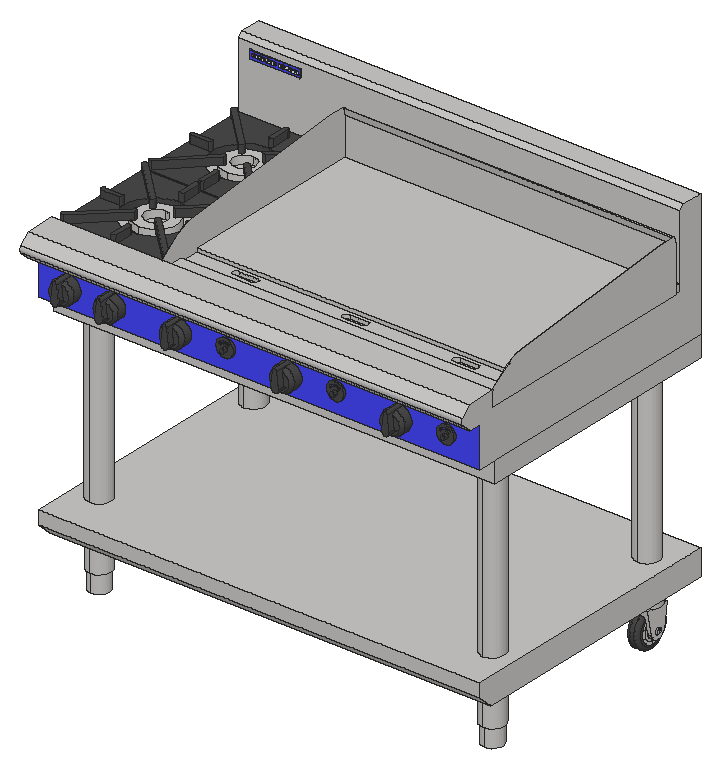
Revit family "QF_MOFFAT_BLUESEAL_CE_G518A-LS", category Specialty Equipment, Revit 2012 (continued)
Definition of nested family "GAS BURNER 300 & GRIDDLE 900"
  Definition of nested family "GAS BURNER 300 & GRIDDLE 600"
    Forms (mm)
      Extrusion 2, solid, material "QF_Finishes_Black"
        sketch origin (0, 0, 19.5) x (0, -1, 0) y (1, 0, 0)
          loop
            spline (609.602, 143.6) -> (610.896, 143.818) -> (612.102, 144.457) -> (613.138, 145.475) -> (613.932, 146.8) -> (614.432, 148.344) -> (614.602, 150) -> (614.432, 151.656) -> (613.932, 153.2) -> (613.138, 154.525) -> (612.102, 155.543) -> (610.896, 156.182) -> (609.602, 156.4)
            line (609.602, 156.4) -> (561.898, 156.4)
            spline (561.898, 156.4) -> (560.604, 156.182) -> (559.398, 155.543) -> (558.362, 154.525) -> (557.568, 153.2) -> (557.068, 151.656) -> (556.898, 150) -> (557.068, 148.344) -> (557.568, 146.8) -> (558.362, 145.475) -> (559.398, 144.457) -> (560.604, 143.818) -> (561.898, 143.6)
            line (561.898, 143.6) -> (609.602, 143.6)
          loop
            line (612.398, 15.153) -> (505.975, 123.076)
            spline (505.975, 123.076) -> (504.905, 123.837) -> (503.601, 124.238) -> (502.149, 124.251) -> (500.65, 123.875) -> (499.205, 123.137) -> (497.914, 122.086) -> (496.863, 120.795) -> (496.125, 119.35) -> (495.749, 117.851) -> (495.762, 116.399) -> (496.163, 115.095) -> (496.924, 114.025)
            line (496.924, 114.025) -> (603.347, 6.102)
            spline (603.347, 6.102) -> (604.416, 5.341) -> (605.721, 4.941) -> (607.172, 4.928) -> (608.671, 5.303) -> (610.116, 6.041) -> (611.408, 7.092) -> (612.459, 8.384) -> (613.197, 9.829) -> (613.572, 11.328) -> (613.559, 12.779) -> (613.159, 14.084) -> (612.398, 15.153)
          loop
            line (476.4, 8.898) -> (476.4, 58.102)
            spline (476.4, 58.102) -> (476.182, 59.396) -> (475.543, 60.602) -> (474.525, 61.638) -> (473.2, 62.432) -> (471.656, 62.932) -> (470, 63.102) -> (468.344, 62.932) -> (466.8, 62.432) -> (465.475, 61.638) -> (464.457, 60.602) -> (463.818, 59.396) -> (463.6, 58.102)
            line (463.6, 58.102) -> (463.6, 8.898)
            spline (463.6, 8.898) -> (463.818, 7.604) -> (464.457, 6.398) -> (465.475, 5.362) -> (466.8, 4.568) -> (468.344, 4.068) -> (470, 3.898) -> (471.656, 4.068) -> (473.2, 4.568) -> (474.525, 5.362) -> (475.543, 6.398) -> (476.182, 7.604) -> (476.4, 8.898)
          loop
            spline (22.602, 15.153) -> (21.681, 13.924) -> (21.131, 12.47) -> (20.99, 10.89) -> (21.267, 9.292) -> (21.943, 7.786) -> (22.973, 6.473) -> (24.286, 5.443) -> (25.792, 4.767) -> (27.39, 4.49) -> (28.97, 4.631) -> (30.424, 5.181) -> (31.653, 6.102)
            line (31.653, 6.102) -> (139.576, 114.025)
            spline (139.576, 114.025) -> (140.337, 115.095) -> (140.738, 116.399) -> (140.751, 117.851) -> (140.375, 119.35) -> (139.637, 120.795) -> (138.586, 122.086) -> (137.295, 123.137) -> (135.85, 123.875) -> (134.351, 124.251) -> (132.899, 124.238) -> (131.595, 123.837) -> (130.525, 123.076)
            line (130.525, 123.076) -> (22.602, 15.153)
          loop
            spline (25.398, 156.4) -> (24.104, 156.182) -> (22.898, 155.543) -> (21.862, 154.525) -> (21.068, 153.2) -> (20.568, 151.656) -> (20.398, 150) -> (20.568, 148.344) -> (21.068, 146.8) -> (21.862, 145.475) -> (22.898, 144.457) -> (24.104, 143.818) -> (25.398, 143.6)
            line (25.398, 143.6) -> (74.602, 143.6)
            spline (74.602, 143.6) -> (75.896, 143.818) -> (77.102, 144.457) -> (78.138, 145.475) -> (78.932, 146.8) -> (79.432, 148.344) -> (79.602, 150) -> (79.432, 151.656) -> (78.932, 153.2) -> (78.138, 154.525) -> (77.102, 155.543) -> (75.896, 156.182) -> (74.602, 156.4)
            line (74.602, 156.4) -> (25.398, 156.4)
          loop
            spline (31.653, 293.898) -> (30.584, 294.659) -> (29.279, 295.059) -> (27.828, 295.072) -> (26.329, 294.697) -> (24.884, 293.959) -> (23.592, 292.908) -> (22.541, 291.616) -> (21.803, 290.171) -> (21.428, 288.672) -> (21.441, 287.221) -> (21.841, 285.916) -> (22.602, 284.847)
            line (22.602, 284.847) -> (130.525, 176.924)
            spline (130.525, 176.924) -> (131.595, 176.163) -> (132.899, 175.762) -> (134.351, 175.749) -> (135.85, 176.125) -> (137.295, 176.863) -> (138.586, 177.914) -> (139.637, 179.205) -> (140.375, 180.65) -> (140.751, 182.149) -> (140.738, 183.601) -> (140.337, 184.905) -> (139.576, 185.975)
            line (139.576, 185.975) -> (31.653, 293.898)
          loop
            line (160.1, 291.102) -> (160.1, 241.898)
            spline (160.1, 241.898) -> (160.318, 240.604) -> (160.957, 239.398) -> (161.975, 238.362) -> (163.3, 237.568) -> (164.844, 237.068) -> (166.5, 236.898) -> (168.156, 237.068) -> (169.7, 237.568) -> (171.025, 238.362) -> (172.043, 239.398) -> (172.682, 240.604) -> (172.9, 241.898)
            line (172.9, 241.898) -> (172.9, 291.102)
            spline (172.9, 291.102) -> (172.682, 292.396) -> (172.043, 293.602) -> (171.025, 294.638) -> (169.7, 295.432) -> (168.156, 295.932) -> (166.5, 296.102) -> (164.844, 295.932) -> (163.3, 295.432) -> (161.975, 294.638) -> (160.957, 293.602) -> (160.318, 292.396) -> (160.1, 291.102)
          loop
            spline (313.898, 284.847) -> (314.659, 285.916) -> (315.059, 287.221) -> (315.072, 288.672) -> (314.697, 290.171) -> (313.959, 291.616) -> (312.908, 292.908) -> (311.616, 293.959) -> (310.171, 294.697) -> (308.672, 295.072) -> (307.221, 295.059) -> (305.916, 294.659) -> (304.847, 293.898)
            line (304.847, 293.898) -> (193.424, 185.975)
            spline (193.424, 185.975) -> (192.663, 184.905) -> (192.262, 183.601) -> (192.249, 182.149) -> (192.625, 180.65) -> (193.363, 179.205) -> (194.414, 177.914) -> (195.705, 176.863) -> (197.15, 176.125) -> (198.649, 175.749) -> (200.101, 175.762) -> (201.405, 176.163) -> (202.475, 176.924)
            line (202.475, 176.924) -> (313.898, 284.847)
          loop
            spline (311.102, 143.6) -> (312.396, 143.818) -> (313.602, 144.457) -> (314.638, 145.475) -> (315.432, 146.8) -> (315.932, 148.344) -> (316.102, 150) -> (315.932, 151.656) -> (315.432, 153.2) -> (314.638, 154.525) -> (313.602, 155.543) -> (312.396, 156.182) -> (311.102, 156.4)
            line (311.102, 156.4) -> (261.898, 156.4)
            spline (261.898, 156.4) -> (260.604, 156.182) -> (259.398, 155.543) -> (258.362, 154.525) -> (257.568, 153.2) -> (257.068, 151.656) -> (256.898, 150) -> (257.068, 148.344) -> (257.568, 146.8) -> (258.362, 145.475) -> (259.398, 144.457) -> (260.604, 143.818) -> (261.898, 143.6)
            line (261.898, 143.6) -> (311.102, 143.6)
          loop
            line (313.898, 15.153) -> (202.475, 123.076)
            spline (202.475, 123.076) -> (201.405, 123.837) -> (200.101, 124.238) -> (198.649, 124.251) -> (197.15, 123.875) -> (195.705, 123.137) -> (194.414, 122.086) -> (193.363, 120.795) -> (192.625, 119.35) -> (192.249, 117.851) -> (192.262, 116.399) -> (192.663, 115.095) -> (193.424, 114.025)
            line (193.424, 114.025) -> (304.847, 6.102)
            spline (304.847, 6.102) -> (305.916, 5.341) -> (307.221, 4.941) -> (308.672, 4.928) -> (310.171, 5.303) -> (311.616, 6.041) -> (312.908, 7.092) -> (313.959, 8.384) -> (314.697, 9.829) -> (315.072, 11.328) -> (315.059, 12.779) -> (314.659, 14.084) -> (313.898, 15.153)
          loop
            line (172.9, 8.898) -> (172.9, 58.102)
            spline (172.9, 58.102) -> (172.682, 59.396) -> (172.043, 60.602) -> (171.025, 61.638) -> (169.7, 62.432) -> (168.156, 62.932) -> (166.5, 63.102) -> (164.844, 62.932) -> (163.3, 62.432) -> (161.975, 61.638) -> (160.957, 60.602) -> (160.318, 59.396) -> (160.1, 58.102)
            line (160.1, 58.102) -> (160.1, 8.898)
            spline (160.1, 8.898) -> (160.318, 7.604) -> (160.957, 6.398) -> (161.975, 5.362) -> (163.3, 4.568) -> (164.844, 4.068) -> (166.5, 3.898) -> (168.156, 4.068) -> (169.7, 4.568) -> (171.025, 5.362) -> (172.043, 6.398) -> (172.682, 7.604) -> (172.9, 8.898)
        from 0 to 20.5
      Extrusion 3, solid, material "QF_Finishes_Stainless Steel"
        sketch origin (0, -15.098, 0) x (0, -1, 0) y (1, 0, 0)
          loop
            circle (151.402, 150) r 57
          loop
            circle (451.402, 150) r 57
          loop
            circle (151.402, 150) r 30
          loop
            circle (451.402, 150) r 30
        from 0 to 20
    Lines and regions (mm)
      symbolic lines
        curve 1: line (284.847, -22.602, 0) -> (176.924, -130.525, 0)
        curve 2: spline (176.924, -130.525, 0) -> (176.163, -131.595, 0) -> (175.762, -132.899, 0) -> (175.749, -134.351, 0) -> (176.125, -135.85, 0) -> (176.863, -137.295, 0) -> (177.914, -138.586, 0) -> (179.205, -139.637, 0) -> (180.65, -140.375, 0) -> (182.149, -140.751, 0) -> (183.601, -140.738, 0) -> (184.905, -140.337, 0) -> (185.975, -139.576, 0)
        curve 3: line (185.975, -139.576, 0) -> (293.898, -31.653, 0)
        curve 4: spline (293.898, -31.653, 0) -> (294.659, -30.584, 0) -> (295.059, -29.279, 0) -> (295.072, -27.828, 0) -> (294.697, -26.329, 0) -> (293.959, -24.884, 0) -> (292.908, -23.592, 0) -> (291.616, -22.541, 0) -> (290.171, -21.803, 0) -> (288.672, -21.428, 0) -> (287.221, -21.441, 0) -> (285.916, -21.841, 0) -> (284.847, -22.602, 0)
        curve 5: line (291.102, -160.1, 0) -> (241.898, -160.1, 0)
        curve 6: spline (241.898, -160.1, 0) -> (240.604, -160.318, 0) -> (239.398, -160.957, 0) -> (238.362, -161.975, 0) -> (237.568, -163.3, 0) -> (237.068, -164.844, 0) -> (236.898, -166.5, 0) -> (237.068, -168.156, 0) -> (237.568, -169.7, 0) -> (238.362, -171.025, 0) -> (239.398, -172.043, 0) -> (240.604, -172.682, 0) -> (241.898, -172.9, 0)
        curve 7: line (241.898, -172.9, 0) -> (291.102, -172.9, 0)
        curve 8: arc (150, -223.5, 0) -> (168.725, -220.336, 0) -> (185.372, -211.197, 0) r 57
        curve 9: arc (150, -109.5, 0) -> (131.183, -112.696, 0) -> (114.475, -121.924, 0) r 57
        curve 10: arc (149.991, -84.418, 0) -> (178.523, -89.406, 0) -> (203.668, -103.781, 0) r 84.082
        curve 11: arc (149.991, -252.582, 0) -> (120.441, -247.219, 0) -> (94.661, -231.812, 0) r 84.082
        curve 12: line (156.4, -74.602, 0) -> (156.4, -25.398, 0)
        curve 13: spline (156.4, -25.398, 0) -> (156.182, -24.104, 0) -> (155.543, -22.898, 0) -> (154.525, -21.862, 0) -> (153.2, -21.068, 0) -> (151.656, -20.568, 0) -> (150, -20.398, 0) -> (148.344, -20.568, 0) -> (146.8, -21.068, 0) -> (145.475, -21.862, 0) -> (144.457, -22.898, 0) -> (143.818, -24.104, 0) -> (143.6, -25.398, 0)
        curve 14: line (143.6, -25.398, 0) -> (143.6, -74.602, 0)
        curve 15: spline (143.6, -74.602, 0) -> (143.818, -75.896, 0) -> (144.457, -77.102, 0) -> (145.475, -78.138, 0) -> (146.8, -78.932, 0) -> (148.344, -79.432, 0) -> (150, -79.602, 0) -> (151.656, -79.432, 0) -> (153.2, -78.932, 0) -> (154.525, -78.138, 0) -> (155.543, -77.102, 0) -> (156.182, -75.896, 0) -> (156.4, -74.602, 0)
        curve 16: line (296, 0, 0) -> (4, 0, 0)
        curve 17: arc (4, 0, 0) -> (1.879, -0.879, 0) -> (1, -3, 0) r 3
        curve 18: line (1, -3, 0) -> (1, -315.5, 0)
        curve 19: arc (1, -315.5, 0) -> (1.879, -317.621, 0) -> (4, -318.5, 0) r 3
        curve 20: line (4, -318.5, 0) -> (296, -318.5, 0)
        curve 21: line (296, -321.5, 0) -> (4, -321.5, 0)
        curve 22: arc (4, -321.5, 0) -> (1.879, -322.379, 0) -> (1, -324.5, 0) r 3
        curve 23: line (1, -324.5, 0) -> (1, -632, 0)
        curve 24: arc (1, -632, 0) -> (1.879, -634.121, 0) -> (4, -635, 0) r 3
        curve 25: line (4, -635, 0) -> (296, -635, 0)
        curve 26: line (293.898, -304.847, 0) -> (185.975, -193.424, 0)
        curve 27: spline (185.975, -193.424, 0) -> (184.905, -192.663, 0) -> (183.601, -192.262, 0) -> (182.149, -192.249, 0) -> (180.65, -192.625, 0) -> (179.205, -193.363, 0) -> (177.914, -194.414, 0) -> (176.863, -195.705, 0) -> (176.125, -197.15, 0) -> (175.749, -198.649, 0) -> (175.762, -200.101, 0) -> (176.163, -201.405, 0) -> (176.924, -202.475, 0)
        curve 28: line (176.924, -202.475, 0) -> (284.847, -313.898, 0)
        curve 29: spline (284.847, -313.898, 0) -> (285.916, -314.659, 0) -> (287.221, -315.059, 0) -> (288.672, -315.072, 0) -> (290.171, -314.697, 0) -> (291.616, -313.959, 0) -> (292.908, -312.908, 0) -> (293.959, -311.616, 0) -> (294.697, -310.171, 0) -> (295.072, -308.672, 0) -> (295.059, -307.221, 0) -> (294.659, -305.916, 0) -> (293.898, -304.847, 0)
        curve 30: line (15.153, -313.898, 0) -> (123.076, -202.475, 0)
        curve 31: spline (123.076, -202.475, 0) -> (123.837, -201.405, 0) -> (124.238, -200.101, 0) -> (124.251, -198.649, 0) -> (123.875, -197.15, 0) -> (123.137, -195.705, 0) -> (122.086, -194.414, 0) -> (120.795, -193.363, 0) -> (119.35, -192.625, 0) -> (117.851, -192.249, 0) -> (116.399, -192.262, 0) -> (115.095, -192.663, 0) -> (114.025, -193.424, 0)
        curve 32: line (114.025, -193.424, 0) -> (6.102, -304.847, 0)
        curve 33: spline (6.102, -304.847, 0) -> (5.341, -305.916, 0) -> (4.941, -307.221, 0) -> (4.928, -308.672, 0) -> (5.303, -310.171, 0) -> (6.041, -311.616, 0) -> (7.092, -312.908, 0) -> (8.384, -313.959, 0) -> (9.829, -314.697, 0) -> (11.328, -315.072, 0) -> (12.779, -315.059, 0) -> (14.084, -314.659, 0) -> (15.153, -313.898, 0)
        curve 34: line (8.898, -172.9, 0) -> (58.102, -172.9, 0)
        curve 35: spline (58.102, -172.9, 0) -> (59.396, -172.682, 0) -> (60.602, -172.043, 0) -> (61.638, -171.025, 0) -> (62.432, -169.7, 0) -> (62.932, -168.156, 0) -> (63.102, -166.5, 0) -> (62.932, -164.844, 0) -> (62.432, -163.3, 0) -> (61.638, -161.975, 0) -> (60.602, -160.957, 0) -> (59.396, -160.318, 0) -> (58.102, -160.1, 0)
        curve 36: line (58.102, -160.1, 0) -> (8.898, -160.1, 0)
        curve 37: spline (8.898, -160.1, 0) -> (7.604, -160.318, 0) -> (6.398, -160.957, 0) -> (5.362, -161.975, 0) -> (4.568, -163.3, 0) -> (4.068, -164.844, 0) -> (3.898, -166.5, 0) -> (4.068, -168.156, 0) -> (4.568, -169.7, 0) -> (5.362, -171.025, 0) -> (6.398, -172.043, 0) -> (7.604, -172.682, 0) -> (8.898, -172.9, 0)
        curve 38: line (6.102, -31.653, 0) -> (114.025, -139.576, 0)
        curve 39: spline (114.025, -139.576, 0) -> (115.095, -140.337, 0) -> (116.399, -140.738, 0) -> (117.851, -140.751, 0) -> (119.35, -140.375, 0) -> (120.795, -139.637, 0) -> (122.086, -138.586, 0) -> (123.137, -137.295, 0) -> (123.875, -135.85, 0) -> (124.251, -134.351, 0) -> (124.238, -132.899, 0) -> (123.837, -131.595, 0) -> (123.076, -130.525, 0)
        curve 40: line (123.076, -130.525, 0) -> (15.153, -22.602, 0)
        curve 41: spline (15.153, -22.602, 0) -> (13.924, -21.681, 0) -> (12.47, -21.131, 0) -> (10.89, -20.99, 0) -> (9.292, -21.267, 0) -> (7.786, -21.943, 0) -> (6.473, -22.973, 0) -> (5.443, -24.286, 0) -> (4.767, -25.792, 0) -> (4.49, -27.39, 0) -> (4.631, -28.97, 0) -> (5.181, -30.424, 0) -> (6.102, -31.653, 0)
        curve 42: arc (150, -136.5, 0) -> (180, -166.5, 0) -> (150, -196.5, 0) r 30
        curve 43: arc (150, -196.5, 0) -> (120, -166.5, 0) -> (150, -136.5, 0) r 30
        curve 44: line (156.4, -311.102, 0) -> (156.4, -261.898, 0)
        curve 45: spline (156.4, -261.898, 0) -> (156.182, -260.604, 0) -> (155.543, -259.398, 0) -> (154.525, -258.362, 0) -> (153.2, -257.568, 0) -> (151.656, -257.068, 0) -> (150, -256.898, 0) -> (148.344, -257.068, 0) -> (146.8, -257.568, 0) -> (145.475, -258.362, 0) -> (144.457, -259.398, 0) -> (143.818, -260.604, 0) -> (143.6, -261.898, 0)
        curve 46: line (143.6, -261.898, 0) -> (143.6, -311.102, 0)
        curve 47: spline (143.6, -311.102, 0) -> (143.818, -312.396, 0) -> (144.457, -313.602, 0) -> (145.475, -314.638, 0) -> (146.8, -315.432, 0) -> (148.344, -315.932, 0) -> (150, -316.102, 0) -> (151.656, -315.932, 0) -> (153.2, -315.432, 0) -> (154.525, -314.638, 0) -> (155.543, -313.602, 0) -> (156.182, -312.396, 0) -> (156.4, -311.102, 0)
        curve 48: line (156.4, -378.102, 0) -> (156.4, -328.898, 0)
        curve 49: spline (156.4, -328.898, 0) -> (156.182, -327.604, 0) -> (155.543, -326.398, 0) -> (154.525, -325.362, 0) -> (153.2, -324.568, 0) -> (151.656, -324.068, 0) -> (150, -323.898, 0) -> (148.344, -324.068, 0) -> (146.8, -324.568, 0) -> (145.475, -325.362, 0) -> (144.457, -326.398, 0) -> (143.818, -327.604, 0) -> (143.6, -328.898, 0)
        curve 50: line (143.6, -328.898, 0) -> (143.6, -378.102, 0)
        curve 51: spline (143.6, -378.102, 0) -> (143.818, -379.396, 0) -> (144.457, -380.602, 0) -> (145.475, -381.638, 0) -> (146.8, -382.432, 0) -> (148.344, -382.932, 0) -> (150, -383.102, 0) -> (151.656, -382.932, 0) -> (153.2, -382.432, 0) -> (154.525, -381.638, 0) -> (155.543, -380.602, 0) -> (156.182, -379.396, 0) -> (156.4, -378.102, 0)
        curve 52: line (284.847, -326.102, 0) -> (176.924, -434.025, 0)
        curve 53: spline (176.924, -434.025, 0) -> (176.163, -435.095, 0) -> (175.762, -436.399, 0) -> (175.749, -437.851, 0) -> (176.125, -439.35, 0) -> (176.863, -440.795, 0) -> (177.914, -442.086, 0) -> (179.205, -443.137, 0) -> (180.65, -443.875, 0) -> (182.149, -444.251, 0) -> (183.601, -444.238, 0) -> (184.905, -443.837, 0) -> (185.975, -443.076, 0)
        curve 54: line (185.975, -443.076, 0) -> (293.898, -335.153, 0)
        curve 55: spline (293.898, -335.153, 0) -> (294.659, -334.084, 0) -> (295.059, -332.779, 0) -> (295.072, -331.328, 0) -> (294.697, -329.829, 0) -> (293.959, -328.384, 0) -> (292.908, -327.092, 0) -> (291.616, -326.041, 0) -> (290.171, -325.303, 0) -> (288.672, -324.928, 0) -> (287.221, -324.941, 0) -> (285.916, -325.341, 0) -> (284.847, -326.102, 0)
        curve 56: line (123.076, -434.025, 0) -> (15.153, -326.102, 0)
        curve 57: spline (15.153, -326.102, 0) -> (13.924, -325.181, 0) -> (12.47, -324.631, 0) -> (10.89, -324.49, 0) -> (9.292, -324.767, 0) -> (7.786, -325.443, 0) -> (6.473, -326.473, 0) -> (5.443, -327.786, 0) -> (4.767, -329.292, 0) -> (4.49, -330.89, 0) -> (4.631, -332.47, 0) -> (5.181, -333.924, 0) -> (6.102, -335.153, 0)
        curve 58: line (6.102, -335.153, 0) -> (114.025, -443.076, 0)
        curve 59: spline (114.025, -443.076, 0) -> (115.095, -443.837, 0) -> (116.399, -444.238, 0) -> (117.851, -444.251, 0) -> (119.35, -443.875, 0) -> (120.795, -443.137, 0) -> (122.086, -442.086, 0) -> (123.137, -440.795, 0) -> (123.875, -439.35, 0) -> (124.251, -437.851, 0) -> (124.238, -436.399, 0) -> (123.837, -435.095, 0) -> (123.076, -434.025, 0)
        curve 60: line (58.102, -463.6, 0) -> (8.898, -463.6, 0)
        curve 61: spline (8.898, -463.6, 0) -> (7.604, -463.818, 0) -> (6.398, -464.457, 0) -> (5.362, -465.475, 0) -> (4.568, -466.8, 0) -> (4.068, -468.344, 0) -> (3.898, -470, 0) -> (4.068, -471.656, 0) -> (4.568, -473.2, 0) -> (5.362, -474.525, 0) -> (6.398, -475.543, 0) -> (7.604, -476.182, 0) -> (8.898, -476.4, 0)
        curve 62: line (8.898, -476.4, 0) -> (58.102, -476.4, 0)
        curve 63: spline (58.102, -476.4, 0) -> (59.396, -476.182, 0) -> (60.602, -475.543, 0) -> (61.638, -474.525, 0) -> (62.432, -473.2, 0) -> (62.932, -471.656, 0) -> (63.102, -470, 0) -> (62.932, -468.344, 0) -> (62.432, -466.8, 0) -> (61.638, -465.475, 0) -> (60.602, -464.457, 0) -> (59.396, -463.818, 0) -> (58.102, -463.6, 0)
        curve 64: line (114.025, -496.924, 0) -> (6.102, -603.347, 0)
        curve 65: spline (6.102, -603.347, 0) -> (5.341, -604.416, 0) -> (4.941, -605.721, 0) -> (4.928, -607.172, 0) -> (5.303, -608.671, 0) -> (6.041, -610.116, 0) -> (7.092, -611.408, 0) -> (8.384, -612.459, 0) -> (9.829, -613.197, 0) -> (11.328, -613.572, 0) -> (12.779, -613.559, 0) -> (14.084, -613.159, 0) -> (15.153, -612.398, 0)
        curve 66: line (15.153, -612.398, 0) -> (123.076, -505.975, 0)
        curve 67: spline (123.076, -505.975, 0) -> (123.837, -504.905, 0) -> (124.238, -503.601, 0) -> (124.251, -502.149, 0) -> (123.875, -500.65, 0) -> (123.137, -499.205, 0) -> (122.086, -497.914, 0) -> (120.795, -496.863, 0) -> (119.35, -496.125, 0) -> (117.851, -495.749, 0) -> (116.399, -495.762, 0) -> (115.095, -496.163, 0) -> (114.025, -496.924, 0)
        curve 68: line (156.4, -609.602, 0) -> (156.4, -561.898, 0)
        curve 69: spline (156.4, -561.898, 0) -> (156.182, -560.604, 0) -> (155.543, -559.398, 0) -> (154.525, -558.362, 0) -> (153.2, -557.568, 0) -> (151.656, -557.068, 0) -> (150, -556.898, 0) -> (148.344, -557.068, 0) -> (146.8, -557.568, 0) -> (145.475, -558.362, 0) -> (144.457, -559.398, 0) -> (143.818, -560.604, 0) -> (143.6, -561.898, 0)
        curve 70: line (143.6, -561.898, 0) -> (143.6, -609.602, 0)
        curve 71: spline (143.6, -609.602, 0) -> (143.818, -610.896, 0) -> (144.457, -612.102, 0) -> (145.475, -613.138, 0) -> (146.8, -613.932, 0) -> (148.344, -614.432, 0) -> (150, -614.602, 0) -> (151.656, -614.432, 0) -> (153.2, -613.932, 0) -> (154.525, -613.138, 0) -> (155.543, -612.102, 0) -> (156.182, -610.896, 0) -> (156.4, -609.602, 0)
        curve 72: line (176.924, -505.975, 0) -> (284.847, -612.398, 0)
        curve 73: spline (284.847, -612.398, 0) -> (285.916, -613.159, 0) -> (287.221, -613.559, 0) -> (288.672, -613.572, 0) -> (290.171, -613.197, 0) -> (291.616, -612.459, 0) -> (292.908, -611.408, 0) -> (293.959, -610.116, 0) -> (294.697, -608.671, 0) -> (295.072, -607.172, 0) -> (295.059, -605.721, 0) -> (294.659, -604.416, 0) -> (293.898, -603.347, 0)
        curve 74: line (293.898, -603.347, 0) -> (185.975, -496.924, 0)
        curve 75: spline (185.975, -496.924, 0) -> (184.905, -496.163, 0) -> (183.601, -495.762, 0) -> (182.149, -495.749, 0) -> (180.65, -496.125, 0) -> (179.205, -496.863, 0) -> (177.914, -497.914, 0) -> (176.863, -499.205, 0) -> (176.125, -500.65, 0) -> (175.749, -502.149, 0) -> (175.762, -503.601, 0) -> (176.163, -504.905, 0) -> (176.924, -505.975, 0)
        curve 76: arc (149.991, -384.418, 0) -> (179.687, -389.836, 0) -> (205.556, -405.393, 0) r 84.082
        curve 77: arc (149.991, -552.582, 0) -> (121.173, -547.489, 0) -> (95.845, -532.827, 0) r 84.082
        curve 78: arc (150, -523.5, 0) -> (167.666, -520.693, 0) -> (183.592, -512.55, 0) r 57
        curve 79: arc (150, -409.5, 0) -> (130.014, -413.119, 0) -> (112.566, -423.515, 0) r 57
        curve 80: arc (150, -436.5, 0) -> (180, -466.5, 0) -> (150, -496.5, 0) r 30
        curve 81: arc (150, -496.5, 0) -> (120, -466.5, 0) -> (150, -436.5, 0) r 30
        curve 82: line (291.102, -463.6, 0) -> (241.898, -463.6, 0)
        curve 83: spline (241.898, -463.6, 0) -> (240.604, -463.818, 0) -> (239.398, -464.457, 0) -> (238.362, -465.475, 0) -> (237.568, -466.8, 0) -> (237.068, -468.344, 0) -> (236.898, -470, 0) -> (237.068, -471.656, 0) -> (237.568, -473.2, 0) -> (238.362, -474.525, 0) -> (239.398, -475.543, 0) -> (240.604, -476.182, 0) -> (241.898, -476.4, 0)
        curve 84: line (241.898, -476.4, 0) -> (291.102, -476.4, 0)
        curve 85: arc (96.324, -103.773, 0) -> (121.466, -89.404, 0) -> (149.991, -84.418, 0) r 84.082
        curve 86: arc (212.871, -112.68, 0) -> (234.066, -167.408, 0) -> (214.3, -222.668, 0) r 84.082
        curve 87: arc (194.454, -202.178, 0) -> (207, -166.598, 0) -> (194.576, -130.975, 0) r 57
        curve 88: arc (114.628, -211.197, 0) -> (131.275, -220.336, 0) -> (150, -223.5, 0) r 57
        curve 89: arc (105.424, -130.975, 0) -> (93, -166.598, 0) -> (105.546, -202.178, 0) r 57
        curve 90: arc (187.434, -423.515, 0) -> (169.986, -413.119, 0) -> (150, -409.5, 0) r 57
        curve 91: arc (103.911, -432.962, 0) -> (93.053, -468.956, 0) -> (106.969, -503.881, 0) r 57
        curve 92: arc (109.732, -506.842, 0) -> (110.614, -507.704, 0) -> (111.516, -508.547, 0) r 57
        curve 93: arc (193.031, -503.881, 0) -> (206.947, -468.956, 0) -> (196.089, -432.962, 0) r 57
        curve 94: arc (214.491, -414.56, 0) -> (234.068, -469.429, 0) -> (213.283, -523.853, 0) r 84.082
        curve 95: arc (94.436, -405.385, 0) -> (120.301, -389.834, 0) -> (149.991, -384.418, 0) r 84.082
        curve 96: arc (86.707, -523.862, 0) -> (65.914, -469.429, 0) -> (85.499, -414.55, 0) r 84.082
        curve 97: arc (116.408, -512.55, 0) -> (132.334, -520.693, 0) -> (150, -523.5, 0) r 57
        curve 98: arc (204.147, -532.819, 0) -> (178.816, -547.487, 0) -> (149.991, -552.582, 0) r 84.082
        curve 99: arc (185.525, -121.924, 0) -> (168.817, -112.696, 0) -> (150, -109.5, 0) r 57
        curve 100: arc (205.331, -231.803, 0) -> (179.547, -247.216, 0) -> (149.991, -252.582, 0) r 84.082
        curve 101: arc (85.69, -222.678, 0) -> (65.916, -167.408, 0) -> (87.119, -112.67, 0) r 84.082
        curve 102: line (299, -315.5, 0) -> (299, -3, 0)
        curve 103: arc (299, -3, 0) -> (298.121, -0.879, 0) -> (296, 0, 0) r 3
        curve 104: spline (291.102, -172.9, 0) -> (292.396, -172.682, 0) -> (293.602, -172.043, 0) -> (294.638, -171.025, 0) -> (295.432, -169.7, 0) -> (295.932, -168.156, 0) -> (296.102, -166.5, 0) -> (295.932, -164.844, 0) -> (295.432, -163.3, 0) -> (294.638, -161.975, 0) -> (293.602, -160.957, 0) -> (292.396, -160.318, 0) -> (291.102, -160.1, 0)
        curve 105: spline (291.102, -476.4, 0) -> (292.396, -476.182, 0) -> (293.602, -475.543, 0) -> (294.638, -474.525, 0) -> (295.432, -473.2, 0) -> (295.932, -471.656, 0) -> (296.102, -470, 0) -> (295.932, -468.344, 0) -> (295.432, -466.8, 0) -> (294.638, -465.475, 0) -> (293.602, -464.457, 0) -> (292.396, -463.818, 0) -> (291.102, -463.6, 0)
        curve 106: arc (296, -635, 0) -> (298.121, -634.121, 0) -> (299, -632, 0) r 3
        curve 107: line (299, -632, 0) -> (299, -324.5, 0)
        curve 108: arc (299, -324.5, 0) -> (298.121, -322.379, 0) -> (296, -321.5, 0) r 3
        curve 109: arc (296, -318.5, 0) -> (298.121, -317.621, 0) -> (299, -315.5, 0) r 3
    Dimensions and locks
      equal spacing: plane 3 "LEFT", plane 7 "Center Y", plane 4 "RIGHT"
      "Width": plane 3 "LEFT" to plane 4 "RIGHT"
      equal spacing: plane 5 "FRONT", plane 8 "Center X", plane 1 "BACK"
      "Depth": plane 5 "FRONT" to plane 1 "BACK"
      aligned and locked: level to plane 2
    Automatic sketch dimensions
      curve 8 to curve 9 = 0 mm
      curve 8 to curve 42 = 0 mm  (x2)
      curve 8 to curve 87 = 0 mm  (x2)
      curve 8 to curve 88 = 0 mm
      curve 8 to curve 89 = 0 mm
      curve 8 to curve 99 = 0 mm  (x2)
      curve 9 to curve 89 = 0 mm
      curve 10 to curve 11 = 0 mm  (x2)
      curve 10 to curve 85 = 0 mm
      curve 10 to curve 86 = 0 mm  (x2)
      curve 10 to curve 100 = 0 mm
      curve 10 to curve 101 = 0 mm  (x2)
      curve 76 to curve 77 = 0 mm  (x2)
      curve 76 to curve 94 = 0 mm  (x2)
      curve 76 to curve 95 = 0 mm
      curve 76 to curve 96 = 0 mm  (x2)
      curve 76 to curve 98 = 0 mm
      curve 78 to curve 79 = 0 mm
      curve 78 to curve 80 = 0 mm  (x2)
      curve 78 to curve 90 = 0 mm  (x2)
      curve 78 to curve 91 = 0 mm
      curve 78 to curve 92 = 0 mm
      curve 78 to curve 93 = 0 mm  (x2)
      curve 78 to curve 97 = 0 mm
      curve 79 to curve 91 = 0 mm
      curve 79 to curve 92 = 0 mm
      plane 5 "FRONT" to curve 25 = 0 mm
      plane 1 "BACK" to curve 16 = 0 mm
      curve 97 to plane 7 "Center Y" = 0 mm
      curve 42 to plane 7 "Center Y" = 0 mm
      curve 13 to plane 7 "Center Y" = 0 mm
      curve 45 to plane 7 "Center Y" = 0 mm
      curve 49 to plane 7 "Center Y" = 0 mm
      curve 69 to plane 7 "Center Y" = 0 mm
      curve 98 to plane 7 "Center Y" = 0.009 mm
      curve 10 to plane 7 "Center Y" = 0.009 mm
      curve 49 to plane 7 "Center Y" = 6.4 mm
      curve 47 to plane 7 "Center Y" = 6.4 mm
      curve 14 to plane 7 "Center Y" = 6.4 mm
      curve 71 to plane 7 "Center Y" = 6.4 mm
      curve 39 to curve 39 = 4.525 mm
      curve 31 to curve 31 = 4.525 mm
      curve 59 to curve 59 = 4.525 mm
      curve 67 to curve 67 = 4.525 mm
      curve 97 to curve 66 = 6.668 mm
      curve 88 to curve 30 = 8.448 mm
      curve 9 to curve 40 = 8.601 mm
      curve 92 to curve 97 = 4.893 mm
      curve 92 to curve 92 = 1.784 mm
      curve 91 to curve 92 = 2.762 mm
      curve 89 to curve 32 = 8.479 mm
      curve 91 to curve 79 = 8.655 mm
      curve 85 to curve 9 = 18.152 mm
      curve 11 to curve 88 = 19.967 mm
      curve 95 to curve 79 = 18.13 mm
      curve 101 to curve 11 = 8.97 mm
      curve 96 to curve 95 = 8.937 mm
      curve 34 to curve 89 = 47.444 mm
      curve 63 to curve 91 = 45.809 mm
      plane 8 "Center X" to curve 30 = 3.602 mm
      plane 3 "LEFT" to curve 30 = 15.153 mm
      plane 3 "LEFT" to curve 41 = 15.153 mm
      plane 3 "LEFT" to curve 66 = 15.153 mm
      curve 56 to curve 30 = 0 mm
      curve 41 to curve 41 = 4.525 mm
      curve 65 to curve 65 = 4.525 mm
      curve 33 to curve 30 = 4.525 mm
      curve 57 to curve 56 = 4.525 mm
      plane 3 "LEFT" to curve 37 = 8.898 mm
      plane 3 "LEFT" to curve 62 = 8.898 mm
      plane 3 "LEFT" to curve 17 = 4 mm
      curve 20 to plane 8 "Center X" = 1 mm
      plane 3 "LEFT" to curve 20 = 4 mm
      curve 22 to curve 20 = 0 mm
      plane 3 "LEFT" to curve 24 = 4 mm
      plane 3 "LEFT" to curve 23 = 1 mm
      plane 3 "LEFT" to curve 17 = 1 mm
      curve 1 to curve 2 = 4.525 mm
      curve 53 to curve 53 = 4.525 mm
      curve 27 to curve 27 = 4.525 mm
      curve 72 to curve 75 = 4.525 mm
      curve 75 to curve 78 = 6.668 mm
      curve 28 to curve 8 = 8.448 mm
      curve 2 to curve 99 = 8.601 mm  (x2)
      curve 52 to curve 90 = 10.51 mm
      curve 27 to curve 87 = 8.479 mm
      curve 2 to curve 87 = 8.601 mm
      curve 90 to curve 93 = 8.655 mm
      curve 99 to curve 10 = 18.144 mm
      curve 8 to curve 100 = 19.959 mm
      curve 90 to curve 76 = 18.122 mm
      curve 100 to curve 86 = 8.969 mm
      curve 76 to curve 94 = 8.936 mm
      curve 93 to curve 82 = 45.809 mm
      curve 87 to curve 7 = 47.444 mm
      plane 4 "RIGHT" to curve 4 = 15.153 mm
      plane 4 "RIGHT" to curve 52 = 15.153 mm
      plane 4 "RIGHT" to curve 73 = 15.153 mm
      plane 8 "Center X" to curve 28 = 3.602 mm
      curve 28 to curve 52 = 0 mm
      curve 1 to curve 4 = 4.525 mm
      curve 55 to curve 55 = 4.525 mm
      curve 28 to curve 29 = 4.525 mm
      curve 72 to curve 73 = 4.525 mm
      plane 4 "RIGHT" to curve 105 = 8.898 mm
      plane 4 "RIGHT" to curve 104 = 8.898 mm
      plane 4 "RIGHT" to curve 108 = 4 mm
      plane 4 "RIGHT" to curve 109 = 4 mm
      plane 4 "RIGHT" to curve 25 = 4 mm
      plane 4 "RIGHT" to curve 16 = 4 mm
      plane 4 "RIGHT" to curve 107 = 1 mm
      plane 4 "RIGHT" to curve 103 = 1 mm
      curve 70 to plane 5 "FRONT" = 25.398 mm
      curve 69 to curve 98 = 9.316 mm
      curve 77 to curve 96 = 8.965 mm
      curve 98 to curve 94 = 8.967 mm
      curve 97 to curve 92 = 4.003 mm
      curve 78 to curve 72 = 6.575 mm
      curve 97 to curve 66 = 6.575 mm
      curve 92 to curve 91 = 2.96 mm
      curve 93 to curve 75 = 6.958 mm
      curve 78 to curve 81 = 27 mm
      curve 96 to curve 61 = 47.462 mm
      curve 94 to curve 84 = 47.453 mm
      curve 62 to curve 63 = 6.4 mm
      curve 105 to curve 105 = 6.4 mm
      curve 59 to curve 91 = 10.114 mm
      curve 53 to curve 93 = 10.114 mm
      curve 94 to curve 76 = 9.166 mm
      curve 96 to curve 95 = 9.165 mm
      curve 76 to curve 51 = 6.316 mm
      curve 57 to curve 20 = 16.653 mm
      curve 54 to curve 20 = 16.653 mm
      curve 49 to plane 8 "Center X" = 11.398 mm
      curve 108 to curve 20 = 6 mm
      plane 8 "Center X" to curve 46 = 6.398 mm
      curve 45 to curve 11 = 9.316 mm
      curve 88 to curve 31 = 8.722 mm
      curve 8 to curve 28 = 8.722 mm
      curve 8 to curve 42 = 27 mm
      curve 101 to curve 34 = 49.778 mm
      curve 86 to curve 7 = 49.768 mm
      curve 6 to curve 6 = 6.4 mm
      curve 34 to curve 37 = 6.4 mm
      curve 38 to curve 89 = 8.601 mm
      curve 40 to curve 9 = 8.601 mm
      curve 86 to curve 10 = 8.899 mm
      curve 101 to curve 85 = 8.898 mm
      curve 10 to curve 15 = 9.816 mm
      plane 1 "BACK" to curve 13 = 25.398 mm
      plane 1 "BACK" to Extrusion 1 sketch curve = 0 mm
      plane 5 "FRONT" to Extrusion 1 sketch curve = 0 mm
      plane 3 "LEFT" to Extrusion 1 sketch curve = 1 mm  (x2)
      plane 1 "BACK" to Extrusion 1 sketch curve = 3 mm  (x2)
      Extrusion 1 sketch curve to plane 7 "Center Y" = 0.009 mm  (x2)
      plane 8 "Center X" to Extrusion 1 sketch curve = 149 mm
      plane 4 "RIGHT" to Extrusion 1 sketch curve = 1 mm  (x2)
      plane 8 "Center X" to Extrusion 1 sketch curve = 2 mm  (x2)
      Extrusion 1 sketch curve to plane 8 "Center X" = 1 mm
      Extrusion 1 sketch curve to Extrusion 1 sketch curve = 3 mm  (x3)
      Extrusion 1 sketch curve to plane 8 "Center X" = 151 mm
      Extrusion 1 sketch curve to plane 5 "FRONT" = 3 mm  (x2)
      Extrusion 2 sketch curve to Extrusion 1 = 22.602 mm  (x2)
      Extrusion 2 sketch curve to Extrusion 1 = 25.398 mm  (x2)
      Extrusion 2 sketch curve to Extrusion 2 sketch curve = 4.525 mm  (x16)
      Extrusion 2 sketch curve to Extrusion 2 sketch curve = 49.204 mm  (x5)
      Extrusion 2 sketch curve to Extrusion 2 sketch curve = 55.923 mm  (x5)
      Extrusion 2 sketch curve to Extrusion 2 sketch curve = 0 mm  (x5)
      Extrusion 2 sketch curve to Extrusion 2 sketch curve = 20.524 mm  (x8)
      Extrusion 2 sketch curve to Extrusion 2 sketch curve = 6.4 mm  (x8)
      Extrusion 2 sketch curve to Extrusion 2 sketch curve = 53.847 mm  (x8)
      Extrusion 2 sketch curve to Extrusion 1 = 56.602 mm
      Extrusion 2 sketch curve to Extrusion 1 = 5.102 mm  (x6)
      Extrusion 2 sketch curve to Extrusion 1 = 13.653 mm  (x2)
      Extrusion 2 sketch curve to Extrusion 1 = 7.398 mm  (x2)
      Extrusion 2 sketch curve to Extrusion 1 = 4.602 mm  (x2)
      Extrusion 2 sketch curve to Extrusion 1 = 7.898 mm  (x4)
      Extrusion 2 sketch curve to Extrusion 1 = 31.653 mm  (x2)
      Extrusion 2 sketch curve to Extrusion 1 = 57.102 mm
      Extrusion 2 sketch curve to Extrusion 1 = 14.153 mm
      Extrusion 3 sketch curve to Extrusion 3 sketch curve = 0 mm  (x24)
      Extrusion 3 sketch curve to plane 7 "Center Y" = 0 mm  (x2)
      plane 1 "BACK" to Extrusion 3 sketch curve = 109.5 mm
      Extrusion 3 sketch curve to Extrusion 3 sketch curve = 27 mm  (x2)
      Extrusion 3 sketch curve to Extrusion 3 sketch curve = 30 mm  (x2)
      Extrusion 3 sketch curve to plane 8 "Center X" = 92 mm
      radius of Extrusion 1 sketch curve = 84.082 mm  (x2)
  Definition of nested family "GAS GRIDDLE PLATE 900"
    Parameters (values of type "GAS GRIDDLE PLATE 900")
      Width [instance] = 900 mm
      Weight in Pounds = 0
      URL Cutsheet = ""
      Type Mark [instance] = ""
      Status [instance] = ""
      Specification by User [instance] = ""
      Specification by Manufacturer = ""
      Serial Number = ""
      Seismic Rating = ""
      SMACNA No = ""
      Revision Code [instance] = ""
      Omniclass Number and Title = ""
      NAFEM Spec ID Number = ""
      Masterspec = ""
      Item Number [instance] = ""
      Installed By [instance] = ""
      Identify Quantity as Lot [instance] = yes
      Furnished By [instance] = ""
      Foodservice Equipment Identifier [instance] = yes
      Depth [instance] = 620 mm
      CSI MasterFormat = ""
      CSI Master Format = ""
    Reference planes
      plane 1 "BACK": y = 0
      plane 2: z = 0
      plane 3 "LEFT": x = 0
      plane 4 "RIGHT": x = 900
      plane 5 "FRONT": y = -620
      plane 6 "TOP": z = 142.5
      plane 7 "Center Y": x = 450
      plane 8 "Center X": y = -310
      plane 9: y = -530.997
      plane 10: y = -541.497
      plane 11: y = -503.25
      plane 12: y = -557.737
    Forms (mm)
      Extrusion 1, solid, material "QF_Finishes_Stainless Steel"
        sketch origin (0, 70.003, -874.5) x (0, 1, 0) y (0, 0, 1)
          loop
            line (-70, 875) -> (-70, 997.489) -> (-75.228, 1017) -> (-117.24, 1017) -> (-589.533, 971.523)
            arc (-589.533, 971.523) -> (-614.56, 965.803) -> (-637.306, 953.899) r 100
            line (-637.306, 953.899) -> (-690.003, 917) -> (-690.003, 875) -> (-70, 875)
        from 0 to 1.8
      Extrusion 2, solid, material "QF_Finishes_Stainless Steel"
        sketch origin (600, 70.003, -874.5) x (0, -1, 0) y (0, 0, 1)
          loop
            line (70, 875) -> (690.003, 875) -> (690.003, 917) -> (637.306, 953.899)
            arc (637.306, 953.899) -> (614.56, 965.803) -> (589.533, 971.523) r 100
            line (589.533, 971.523) -> (117.24, 1017) -> (75.228, 1017) -> (70, 997.489) -> (70, 875)
        from -300 to -298.8
      Extrusion 3, solid, material "QF_Finishes_Stainless Steel"
        sketch origin (150, 70.003, -874.5) x (0, 1, 0) y (0, 0, 1)
          loop
            line (-55, 895) -> (-573.253, 895) -> (-573.253, 884.5) -> (-627.74, 884.5) -> (-627.74, 895) -> (-690.003, 895) -> (-690.003, 875) -> (-55, 875) -> (-55, 895)
        from -148.2 to 748.8
      Extrusion 4, void
        sketch origin (0.113, -541.497, 10) x (0, -1, 0) y (1, 0, 0)
          loop
            arc (-7.497, 175) -> (-17.497, 185) -> (-27.497, 175) r 10
            line (-27.497, 175) -> (-27.497, 125)
            arc (-27.497, 125) -> (-17.497, 115) -> (-7.497, 125) r 10
            line (-7.497, 125) -> (-7.497, 175)
          loop
            line (-7.497, 424.887) -> (-7.497, 474.887)
            arc (-7.497, 474.887) -> (-17.497, 484.887) -> (-27.497, 474.887) r 10
            line (-27.497, 474.887) -> (-27.497, 424.887)
            arc (-27.497, 424.887) -> (-17.497, 414.887) -> (-7.497, 424.887) r 10
          loop
            line (-7.497, 724.774) -> (-7.497, 774.774)
            arc (-7.497, 774.774) -> (-17.497, 784.774) -> (-27.497, 774.774) r 10
            line (-27.497, 774.774) -> (-27.497, 724.774)
            arc (-27.497, 724.774) -> (-17.497, 714.774) -> (-7.497, 724.774) r 10
        from -41.4 to 40.142
      Extrusion 5, solid, material "QF_Finishes_Stainless Steel"
        sketch origin (0, 70.003, -874.5) x (0, 1, 0) y (0, 0, 1)
          loop
            line (-70, 875) -> (-70, 997.489) -> (-75.228, 1017) -> (-76.884, 1017) -> (-71.6, 997.278) -> (-71.6, 875) -> (-70, 875)
        from 0 to 898.8
    Cuts and joins
      Extrusion 4 cuts Extrusion 3
      joined: Extrusion 1, Extrusion 2, Extrusion 3, Extrusion 5
    Lines and regions (mm)
      symbolic lines
        curve 1: line (900, -503.25, 0) -> (0, -503.25, 0)
        curve 2: line (0, -557.737, 0) -> (900, -557.737, 0)
        curve 3: line (0, -1.68, 0) -> (900, -1.68, 0)
        curve 4: line (900, -1.68, 0) -> (900, -620, 0)
        curve 5: line (0, -620, 0) -> (0, -1.68, 0)
        curve 6: line (0, -620, 0) -> (900, -620, 0)
        curve 7: arc (175.113, -534, 0) -> (185.113, -524, 0) -> (175.113, -514, 0) r 10
        curve 8: line (175.113, -514, 0) -> (125.113, -514, 0)
        curve 9: arc (125.113, -514, 0) -> (115.113, -524, 0) -> (125.113, -534, 0) r 10
        curve 10: line (125.113, -534, 0) -> (175.113, -534, 0)
        curve 11: arc (425, -534, 0) -> (415, -524, 0) -> (425, -514, 0) r 10
        curve 12: line (425, -514, 0) -> (475, -514, 0)
        curve 13: arc (475, -514, 0) -> (485, -524, 0) -> (475, -534, 0) r 10
        curve 14: line (475, -534, 0) -> (425, -534, 0)
        curve 15: arc (724.887, -534, 0) -> (714.887, -524, 0) -> (724.887, -514, 0) r 10
        curve 16: line (724.887, -514, 0) -> (774.887, -514, 0)
        curve 17: arc (774.887, -514, 0) -> (784.887, -524, 0) -> (774.887, -534, 0) r 10
        curve 18: line (774.887, -534, 0) -> (724.887, -534, 0)
    Dimensions and locks
      equal spacing: plane 3 "LEFT", plane 7 "Center Y", plane 4 "RIGHT"
      "Width": plane 3 "LEFT" to plane 4 "RIGHT"
      equal spacing: plane 5 "FRONT", plane 8 "Center X", plane 1 "BACK"
      "Depth": plane 5 "FRONT" to plane 1 "BACK"
      locked: Extrusion 2 to Extrusion 2 at 1.2
      aligned and locked: level to plane 2
      aligned and locked: Extrusion 2 to plane 4 "RIGHT"
      aligned and locked: curve 1 to plane 11
      aligned and locked: plane 12 to curve 2
      aligned and locked: Extrusion 5 to cut or joined group of Extrusion 1, Extrusion 2, Extrusion 3, Extrusion 4, Extrusion 5
    Automatic sketch dimensions
      Extrusion 1 sketch curve to plane 5 "FRONT" = 0 mm
      Extrusion 1 sketch curve to plane 6 "TOP" = 0 mm
      plane 12 to Extrusion 1 sketch curve = 9.566 mm
      plane 11 to Extrusion 1 sketch curve = 16.28 mm
      Extrusion 1 sketch curve to level = 2.516 mm
      plane 11 to Extrusion 1 sketch curve = 6.695 mm
      plane 1 "BACK" to Extrusion 1 sketch curve = 47.237 mm
      plane 1 "BACK" to Extrusion 1 sketch curve = 5.225 mm
      Extrusion 1 sketch curve to plane 1 "BACK" = 0.003 mm
      level to Extrusion 1 sketch curve = 0.5 mm
      Extrusion 1 sketch curve to Extrusion 1 sketch curve = 42 mm
      Extrusion 1 sketch curve to plane 6 "TOP" = 63.101 mm
      Extrusion 1 sketch curve to plane 6 "TOP" = 19.511 mm
      Extrusion 2 sketch curve to plane 6 "TOP" = 0 mm
      Extrusion 2 sketch curve to plane 5 "FRONT" = 0 mm
      plane 12 to Extrusion 2 sketch curve = 9.566 mm
      plane 11 to Extrusion 2 sketch curve = 16.28 mm
      Extrusion 2 sketch curve to level = 2.516 mm
      plane 11 to Extrusion 2 sketch curve = 6.695 mm
      plane 1 "BACK" to Extrusion 2 sketch curve = 47.237 mm
      plane 1 "BACK" to Extrusion 2 sketch curve = 5.225 mm
      Extrusion 2 sketch curve to plane 1 "BACK" = 0.003 mm
      level to Extrusion 2 sketch curve = 0.5 mm
      Extrusion 2 sketch curve to Extrusion 2 sketch curve = 42 mm
      Extrusion 2 sketch curve to plane 6 "TOP" = 63.101 mm
      Extrusion 2 sketch curve to plane 6 "TOP" = 19.511 mm
      Extrusion 3 sketch curve to plane 5 "FRONT" = 0 mm
      Extrusion 3 sketch curve to plane 12 = 0 mm
      Extrusion 3 sketch curve to plane 11 = 0 mm
      Extrusion 3 sketch curve to plane 1 "BACK" = 15.003 mm
      level to Extrusion 3 sketch curve = 0.5 mm
      level to Extrusion 3 sketch curve = 10 mm
      Extrusion 3 sketch curve to Extrusion 3 sketch curve = 10.5 mm  (x2)
      plane 1 "BACK" to Extrusion 5 sketch curve = 5.225 mm
      Extrusion 5 sketch curve to plane 1 "BACK" = 0.003 mm
      Extrusion 5 sketch curve to plane 6 "TOP" = 19.511 mm
      Extrusion 5 sketch curve to Extrusion 5 sketch curve = 1.6 mm
      Extrusion 5 sketch curve to Extrusion 5 sketch curve = 0.211 mm
      Extrusion 5 sketch curve to plane 6 "TOP" = 0 mm
      Extrusion 5 sketch curve to Extrusion 5 sketch curve = 1.656 mm
      level to Extrusion 5 sketch curve = 0.5 mm
      curve 6 to plane 3 "LEFT" = 0 mm
      curve 3 to plane 4 "RIGHT" = 0 mm
      plane 5 "FRONT" to curve 6 = 0 mm
      plane 11 to curve 9 = 20.75 mm
      plane 3 "LEFT" to curve 9 = 125.113 mm
      curve 10 to plane 12 = 23.737 mm
      curve 9 to curve 10 = 50 mm
      curve 14 to plane 7 "Center Y" = 25 mm
      plane 11 to curve 12 = 10.75 mm
      plane 7 "Center Y" to curve 12 = 25 mm
      curve 15 to plane 12 = 23.737 mm
      plane 4 "RIGHT" to curve 15 = 175.113 mm
      plane 11 to curve 16 = 10.75 mm
      curve 16 to curve 16 = 50 mm
      curve 14 to curve 12 = 20 mm
      plane 1 "BACK" to curve 3 = 1.68 mm
      plane 11 to Extrusion 4 sketch curve = 10.75 mm  (x3)
      Extrusion 4 sketch curve to Extrusion 4 sketch curve = 10 mm  (x3)
      plane 3 "LEFT" to Extrusion 4 sketch curve = 125.113 mm
      Extrusion 4 sketch curve to Extrusion 4 sketch curve = 50 mm  (x2)
      Extrusion 4 sketch curve to plane 7 "Center Y" = 25 mm
      plane 7 "Center Y" to Extrusion 4 sketch curve = 25 mm
      plane 4 "RIGHT" to Extrusion 4 sketch curve = 175.113 mm
